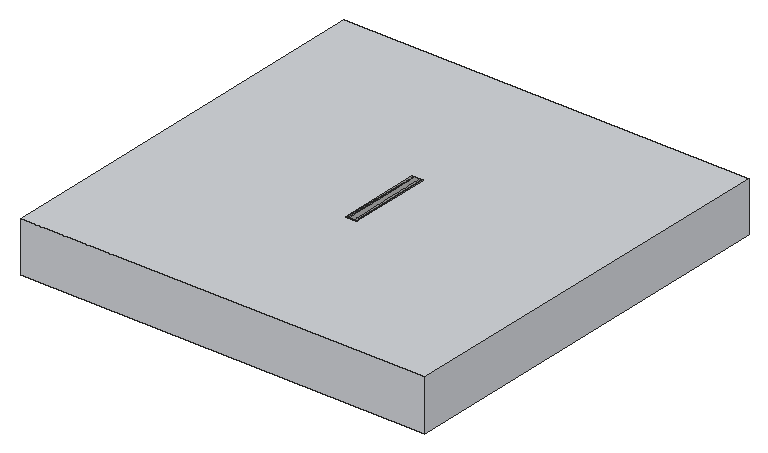
Revit family "LAMP_OCULT RECESSED PROFILE", category Luminarias, Revit 2015
Parameters (values of type "500mm Recessed  BLACK")
  Weight = 1.232 kg
  Recessed dimensions = "510x59"
  Protection rating = "IP20"
  Product datasheet = "http://www.lamp.es/product-files/TECH/OSREPR500W-EN.pdf"
  Product code = "OSREPR500W"
  Product URL = "https://www.lamp.es/en/family/ocult-system_367581"
  Modelo = Product code  # "OSREPR500W"
  Model explanation = "Availability of changing profile version and height when placed in project."
  Material suspension = Panel de metal
  Material perfil = LAMP_Aluminio Ocult Pendular NG
  Manufacturer name = "LAMP"
  Manufacturer country = "Spain"
  Manufacturer URL = "http://www.lamp.es/en"
  Luminaire type = "Profile"
  Length = 500 mm
  Last update = "30/07/2019"
  Insulation class = "I"
  Installation instructions = "https://www.lamp.es/product-files/INS/1004420-A%20INSTR.OCULT%20SYSTEM%20PROFILE.pdf"
  IEE = "A+"
  Finish = "Matte white RAL 9010"
  Fabricante = Manufacturer name  # "LAMP"
  Default Elevation = 1219.2 mm
  Dimensions = "500x53x96"
  Descripción = "OCULT SYS. ACC. REC PROFILE 500 WH."
  Comentarios de tipo = Model explanation  # "Availability of changing profile version and height when placed in project."
Types (32, lengths in mm): name | Weight | Recessed dimensions | Product datasheet | Product code | Modelo | Material perfil | Length | Finish | Dimensions | Descripción
  500mm Recessed  BLACK | 1.232 kg | "510x59" | "http://www.lamp.es/product-files/TECH/OSREPR500W-EN.pdf" | "OSREPR500W" | "OSREPR500W" | LAMP_Aluminio Ocult Pendular NG | 500 | "Matte white RAL 9010" | "500x53x96" | "OCULT SYS. ACC. REC PROFILE 500 WH."
  500mm Recessed  WHITE | 0.838 kg | "510x59" | "http://www.lamp.es/product-files/TECH/OSSUPR500B-EN.pdf" | "OSSUPR500B" | "OSSUPR500B" | LAMP_Aluminio Ocult Pendular BL | 500 | "Matte black RAL 9011" | "500x53x96" | "OCULT SYS. ACC. SUR PROFILE 500 BK."
  600mm Recessed  BLACK | 1.426 kg | "610x59" | "http://www.lamp.es/product-files/TECH/OSREPR600B-EN.pdf" | "OSREPR600B" | "OSREPR600B" | LAMP_Aluminio Ocult Pendular NG | 600 | "Matte black RAL 9011" | "600x53x96" | "OCULT SYS. ACC. REC PROFILE 600 BK."
  600mm Recessed  WHITE | 1.426 kg | "610x59" | "http://www.lamp.es/product-files/TECH/OSREPR600W-EN.pdf" | "OSREPR600W" | "OSREPR600W" | LAMP_Aluminio Ocult Pendular BL | 600 | "Matte white RAL 9010" | "600x53x96" | "OCULT SYS. ACC. REC PROFILE 600 WH."
  700mm Recessed  BLACK | 1.752 kg | "710x59" | "http://www.lamp.es/product-files/TECH/OSREPR700B-EN.pdf" | "OSREPR700B" | "OSREPR700B" | LAMP_Aluminio Ocult Pendular NG | 700 | "Matte black RAL 9011" | "700x53x96" | "OCULT SYS. ACC. REC PROFILE 700 BK."
  700mm Recessed  WHITE | 1.752 kg | "710x59" | "http://www.lamp.es/product-files/TECH/OSREPR700W-EN.pdf" | "OSREPR700W" | "OSREPR700W" | LAMP_Aluminio Ocult Pendular BL | 700 | "Matte white RAL 9010" | "700x53x96" | "OCULT SYS. ACC. REC PROFILE 700 WH."
  800mm Recessed  BLACK | 1.946 kg | "810x59" | "http://www.lamp.es/product-files/TECH/OSREPR800B-EN.pdf" | "OSREPR800B" | "OSREPR800B" | LAMP_Aluminio Ocult Pendular NG | 800 | "Matte black RAL 9011" | "800x53x96" | "OCULT SYS. ACC. REC PROFILE 800 BK."
  800mm Recessed  WHITE | 1.946 kg | "810x59" | "http://www.lamp.es/product-files/TECH/OSREPR800W-EN.pdf" | "OSREPR800W" | "OSREPR800W" | LAMP_Aluminio Ocult Pendular BL | 800 | "Matte white RAL 9010" | "800x53x96" | "OCULT SYS. ACC. REC PROFILE 800 WH."
  900mm Recessed  BLACK | 2.14 kg | "910x59" | "http://www.lamp.es/product-files/TECH/OSREPR900B-EN.pdf" | "OSREPR900B" | "OSREPR900B" | LAMP_Aluminio Ocult Pendular NG | 900 | "Matte black RAL 9011" | "900x53x96" | "OCULT SYS. ACC. REC PROFILE 900 BK."
  900mm Recessed  WHITE | 2.14 kg | "910x59" | "http://www.lamp.es/product-files/TECH/OSREPR900W-EN.pdf" | "OSREPR900W" | "OSREPR900W" | LAMP_Aluminio Ocult Pendular BL | 900 | "Matte white RAL 9010" | "900x53x96" | "OCULT SYS. ACC. REC PROFILE 900 WH."
  1000mm Recessed  BLACK | 2.334 kg | "1010x59" | "http://www.lamp.es/product-files/TECH/OSREPR1000B-EN.pdf" | "OSREPR1000B" | "OSREPR1000B" | LAMP_Aluminio Ocult Pendular NG | 1000 | "Matte black RAL 9011" | "1000x53x96" | "OCULT SYS. ACC. REC PROFILE 1000 BK."
  1000mm Recessed  WHITE | 2.334 kg | "1010x59" | "http://www.lamp.es/product-files/TECH/OSREPR1000W-EN.pdf" | "OSREPR1000W" | "OSREPR1000W" | LAMP_Aluminio Ocult Pendular BL | 1000 | "Matte white RAL 9010" | "1000x53x96" | "OCULT SYS. ACC. REC PROFILE 1000 WH."
  1100mm Recessed  BLACK | 2.528 kg | "1110x59" | "http://www.lamp.es/product-files/TECH/OSREPR1100B-EN.pdf" | "OSREPR1100B" | "OSREPR1100B" | LAMP_Aluminio Ocult Pendular NG | 1100 | "Matte black RAL 9011" | "1100x53x96" | "OCULT SYS. ACC. REC PROFILE 1100 BK."
  1100mm Recessed  WHITE | 2.528 kg | "1110x59" | "http://www.lamp.es/product-files/TECH/OSREPR1100W-EN.pdf" | "OSREPR1100W" | "OSREPR1100W" | LAMP_Aluminio Ocult Pendular BL | 1100 | "Matte white RAL 9010" | "1100x53x96" | "OCULT SYS. ACC. REC PROFILE 1100 WH."
  1200mm Recessed  BLACK | 2.854 kg | "1210x59" | "http://www.lamp.es/product-files/TECH/OSREPR1200B-EN.pdf" | "OSREPR1200B" | "OSREPR1200B" | LAMP_Aluminio Ocult Pendular NG | 1200 | "Matte black RAL 9011" | "1200x53x96" | "OCULT SYS. ACC. REC PROFILE 1200 BK."
  1200mm Recessed  WHITE | 2.854 kg | "1210x59" | "http://www.lamp.es/product-files/TECH/OSREPR1200W-EN.pdf" | "OSREPR1200W" | "OSREPR1200W" | LAMP_Aluminio Ocult Pendular BL | 1200 | "Matte white RAL 9010" | "1200x53x96" | "OCULT SYS. ACC. REC PROFILE 1200 WH."
  1300mm Recessed  BLACK | 3.048 kg | "1310x59" | "http://www.lamp.es/product-files/TECH/OSREPR1300B-EN.pdf" | "OSREPR1300B" | "OSREPR1300B" | LAMP_Aluminio Ocult Pendular NG | 1300 | "Matte black RAL 9011" | "1300x53x96" | "OCULT SYS. ACC. REC PROFILE 1300 BK."
  1300mm Recessed  WHITE | 3.048 kg | "1310x59" | "http://www.lamp.es/product-files/TECH/OSREPR1300W-EN.pdf" | "OSREPR1300W" | "OSREPR1300W" | LAMP_Aluminio Ocult Pendular BL | 1300 | "Matte white RAL 9010" | "1300x53x96" | "OCULT SYS. ACC. REC PROFILE 1300 WH."
  1400mm Recessed  BLACK | 3.242 kg | "1410x59" | "http://www.lamp.es/product-files/TECH/OSREPR1400B-EN.pdf" | "OSREPR1400B" | "OSREPR1400B" | LAMP_Aluminio Ocult Pendular NG | 1400 | "Matte black RAL 9011" | "1400x53x96" | "OCULT SYS. ACC. REC PROFILE 1400 BK."
  1400mm Recessed  WHITE | 3.242 kg | "1410x59" | "http://www.lamp.es/product-files/TECH/OSREPR1400W-EN.pdf" | "OSREPR1400W" | "OSREPR1400W" | LAMP_Aluminio Ocult Pendular BL | 1400 | "Matte white RAL 9010" | "1400x53x96" | "OCULT SYS. ACC. REC PROFILE 1400 WH."
  1500mm Recessed  BLACK | 3.436 kg | "1510x59" | "http://www.lamp.es/product-files/TECH/OSREPR1500B-EN.pdf" | "OSREPR1500B" | "OSREPR1500B" | LAMP_Aluminio Ocult Pendular NG | 1500 | "Matte black RAL 9011" | "1500x53x96" | "OCULT SYS. ACC. REC PROFILE 1500 BK."
  1500mm Recessed  WHITE | 3.436 kg | "1510x59" | "http://www.lamp.es/product-files/TECH/OSREPR1500W-EN.pdf" | "OSREPR1500W" | "OSREPR1500W" | LAMP_Aluminio Ocult Pendular BL | 1500 | "Matte white RAL 9010" | "1500x53x96" | "OCULT SYS. ACC. REC PROFILE 1500 WH."
  1600mm Recessed  BLACK | 3.63 kg | "1610x59" | "http://www.lamp.es/product-files/TECH/OSREPR1600B-EN.pdf" | "OSREPR1600B" | "OSREPR1600B" | LAMP_Aluminio Ocult Pendular NG | 1600 | "Matte black RAL 9011" | "1600x53x96" | "OCULT SYS. ACC. REC PROFILE 1600 BK."
  1600mm Recessed  WHITE | 3.63 kg | "1610x59" | "http://www.lamp.es/product-files/TECH/OSREPR1600W-EN.pdf" | "OSREPR1600W" | "OSREPR1600W" | LAMP_Aluminio Ocult Pendular BL | 1600 | "Matte white RAL 9010" | "1600x53x96" | "OCULT SYS. ACC. REC PROFILE 1600 WH."
  1700mm Recessed  BLACK | 3.824 kg | "1710x59" | "http://www.lamp.es/product-files/TECH/OSREPR1700B-EN.pdf" | "OSREPR1700B" | "OSREPR1700B" | LAMP_Aluminio Ocult Pendular NG | 1700 | "Matte black RAL 9011" | "1700x53x96" | "OCULT SYS. ACC. REC PROFILE 1700 BK."
  1700mm Recessed  WHITE | 3.824 kg | "1710x59" | "http://www.lamp.es/product-files/TECH/OSREPR1700W-EN.pdf" | "OSREPR1700W" | "OSREPR1700W" | LAMP_Aluminio Ocult Pendular BL | 1700 | "Matte white RAL 9010" | "1700x53x96" | "OCULT SYS. ACC. REC PROFILE 1700 WH."
  1800mm Recessed  BLACK | 4.148 kg | "1810x59" | "http://www.lamp.es/product-files/TECH/OSREPR1800B-EN.pdf" | "OSREPR1800B" | "OSREPR1800B" | LAMP_Aluminio Ocult Pendular NG | 1800 | "Matte black RAL 9011" | "1800x53x96" | "OCULT SYS. ACC. REC PROFILE 1800 BK."
  1800mm Recessed  WHITE | 4.148 kg | "1810x59" | "http://www.lamp.es/product-files/TECH/OSREPR1800W-EN.pdf" | "OSREPR1800W" | "OSREPR1800W" | LAMP_Aluminio Ocult Pendular BL | 1800 | "Matte white RAL 9010" | "1800x53x96" | "OCULT SYS. ACC. REC PROFILE 1800 WH."
  1900mm Recessed  BLACK | 4.344 kg | "1910x59" | "http://www.lamp.es/product-files/TECH/OSREPR1900B-EN.pdf" | "OSREPR1900B" | "OSREPR1900B" | LAMP_Aluminio Ocult Pendular NG | 1900 | "Matte black RAL 9011" | "1900x53x96" | "OCULT SYS. ACC. REC PROFILE 1900 BK."
  1900mm Recessed  WHITE | 4.344 kg | "1910x59" | "http://www.lamp.es/product-files/TECH/OSREPR1900W-EN.pdf" | "OSREPR1900W" | "OSREPR1900W" | LAMP_Aluminio Ocult Pendular BL | 1900 | "Matte white RAL 9010" | "1900x53x96" | "OCULT SYS. ACC. REC PROFILE 1900 WH."
  2000mm Recessed  BLACK | 4.538 kg | "2021x59" | "http://www.lamp.es/product-files/TECH/OSREPR2000B-EN.pdf" | "OSREPR2000B" | "OSREPR2000B" | LAMP_Aluminio Ocult Pendular NG | 2000 | "Matte black RAL 9011" | "2000x53x96" | "OCULT SYS. ACC. REC PROFILE 2000 BK."
  2000mm Recessed  WHITE | 4.538 kg | "2021x59" | "http://www.lamp.es/product-files/TECH/OSREPR2000W-EN.pdf" | "OSREPR2000W" | "OSREPR2000W" | LAMP_Aluminio Ocult Pendular BL | 2000 | "Matte white RAL 9010" | "2000x53x96" | "OCULT SYS. ACC. REC PROFILE 2000 WH."
Reference planes
  plane 1 "Centro (Frontal/Posterior)": y = 0
  plane 2: z = 0
  plane 3 "Centro (Izquierda/Derecha)": x = 0
  plane 4: z = 1
Forms (mm)
  Extrusion 1, solid
    sketch origin (0, 0, 0) x (1, 0, 0) y (0, 1, 0)
      loop
        line (-1219.2, 1219.2) -> (-1219.2, -1219.2) -> (1219.2, -1219.2) -> (1219.2, 1219.2) -> (-1219.2, 1219.2)
    from 0 to -304.8
  Extrusion 2, solid, material "LAMP_Aluminio Ocult Pendular NG" <- "Material perfil"
    sketch origin (0, 0, 0) x (1, 0, 0) y (0, 0, 1)
      loop
        line (-32, 0) -> (-26.5, 0) -> (-26.5, -94.3) -> (0, -94.3) -> (26.5, -94.3) -> (26.5, 0) -> (32, 0) -> (32, 1.7) -> (17, 1.7) -> (-16.9, 1.7) -> (-32, 1.7) -> (-32, 0)
      loop
        line (-24.8, 0) -> (-24.8, -92.6) -> (0, -92.6) -> (24.8, -92.6) -> (24.8, 0) -> (17, 0) -> (-16.9, 0) -> (-24.8, 0)
    from -250 to 250
Text (mm)
  text "Any modification of the parameters and properties of the LAMP BIM models must be executed and validated by the LAMP technical department.\n\nPhone: +34 93 736 68 00\n\nE-mail: lamp@lamp.es\n\n\n\nLAMP reserves the right to modify the technical specifications of its products." at (13412.226, -16933.167, -15401.008), in view "Preview"
Dimensions and locks
  plane 4 to Extrusion 1 = 1 mm
  equal spacing: Extrusion 2, plane 1 "Centro (Frontal/Posterior)", Extrusion 2
  "Length": Extrusion 2 to Extrusion 2
  aligned and locked: plane 2 to Extrusion 1
  aligned and locked: level to Extrusion 1
Automatic sketch dimensions
  Extrusion 1 sketch curve to Extrusion 1 sketch curve = 2438.4 mm  (x2)
  Extrusion 2 sketch curve to level = 0 mm  (x3)
  Extrusion 2 sketch curve to plane 3 "Centro (Izquierda/Derecha)" = 0 mm  (x2)
  plane 4 to Extrusion 2 sketch curve = 0.7 mm
  Extrusion 2 sketch curve to plane 3 "Centro (Izquierda/Derecha)" = 16.9 mm
  Extrusion 2 sketch curve to Extrusion 2 sketch curve = 7.9 mm
  Extrusion 2 sketch curve to Extrusion 2 sketch curve = 1.7 mm  (x3)
  Extrusion 2 sketch curve to Extrusion 2 sketch curve = 5.5 mm  (x2)
  plane 3 "Centro (Izquierda/Derecha)" to Extrusion 2 sketch curve = 17 mm
  Extrusion 2 sketch curve to Extrusion 2 sketch curve = 24.8 mm
  Extrusion 2 sketch curve to level = 92.6 mm
  Extrusion 2 sketch curve to Extrusion 2 sketch curve = 0 mm  (x2)
Connectors
  electrical at (12.4, 0, -92.6)
    settings: on Extrusion 2, index 1, voltage 230 V, apparent load 0 VA, apparent load phase1 0 VA, apparent load phase2 0 VA, apparent load phase3 0 VA, power factor 1, load classification "Otro", number of poles 1, system type 31, power factor state 1, is connector primary yes, connector utility no, sub classification motor no, connector description ""
